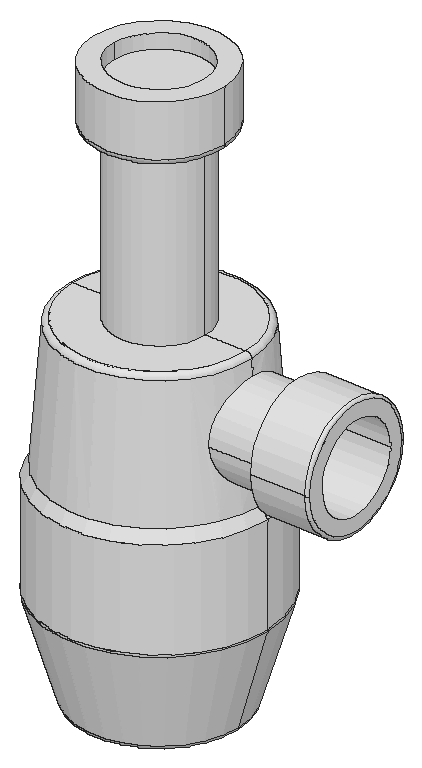
Revit family "S-865 (EN)", category Pipe Fittings, Revit 2015
Parameters (values of type "S-865_1 1/4"")
  URL = "http://www.jimten.com/en/producto/42/sifon-botella-juntafix"
  Reference = "001659"
  Outlet = "Ø32 MM (FEMALE)"
  Model = "S-865"  # constant formula
  Material = PP (White)
  Manufacturer = "Jimten"  # constant formula
  Inlets = "1 1/4\" FEMALE THREAD"
  Flowrate = 0.4 L/s  # constant formula
  Ds = 32 mm
  Description = "JUNTAFIX BOTTLE TRAP, HORIZONTAL OUTLET, EXTENSIBLE RAISER WITH BOTTOM STOP END, JUNTAFIX"  # constant formula
  De = 31.8 mm
  Type Comments = "EASY INSTALLATION THANKS TO ITS INTEGRATED JOINT SYSTEMS, BOTTOM REGISTER COVER"  # constant formula
  Certificates = "http://www.jimten.com/_bd/_adjuntos/3b4e9e19f525a9333619fbb9026ce695.pdf?viewPdf"
  Appliances = "WASH BASIN, BIDET"
  Hmin = 150 mm
  Hmax = 220 mm
  HCalc [instance] = if(A < Hmax, if(A > Hmin, A, Hmin), Hmax)  # 200 mm
  A [instance] = 200 mm
Types (2, lengths in mm): name | Reference | Outlet | Inlets | Ds | De | Appliances | HCalc | A
  S-865_1 1/2" | "001658" | "Ø40 MM (FEMALE)" | "1 1/2\" FEMALE THREAD" | 40 | 38.1 | "SINK, WASH BASIN, BIDET" | 180 | 180
  S-865_1 1/4" | "001659" | "Ø32 MM (FEMALE)" | "1 1/4\" FEMALE THREAD" | 32 | 31.8 | "WASH BASIN, BIDET" | 200 | 200
Reference planes
  plane 1 "Centro (Frontal/Posterior)": y = 0
  plane 2: z = 0
  plane 3 "Centro (Izquierda/Derecha)": x = 0
  plane 4: z = 120
  plane 5: z = 200
  plane 6: z = 195
  plane 7: z = 97
Forms (mm)
  Revolve 1, solid, material "PP (White)" <- "Material"
    sketch origin (0, 0, 0) x (1, 0, 0) y (0, 0, 1)
      loop
        arc (-30.231, 120) -> (-31.566, 119.478) -> (-32.193, 118.189) r 1.968
        line (-32.193, 118.189) -> (-35.726, 74.009) -> (-38, 70.071) -> (-38, 35.74)
        arc (-38, 35.74) -> (-37.968, 35.301) -> (-37.872, 34.872) r 3
        line (-37.872, 34.872) -> (-27.753, 1.405)
        arc (-27.753, 1.405) -> (-27.039, 0.39) -> (-25.86, 0) r 1.978
        line (-25.86, 0) -> (0, 0) -> (0, 120) -> (-30.231, 120)
      axis (0, 0) -> (0, 120)
    angle from 0 to 360
  Extrusion 2, solid, material "PP (White)" <- "Material"
    sketch origin (-100.949, -1524, 120) x (-1, 0, 0) y (0, -1, 0)
      loop
        circle (-100.949, -1524) r 16
    from 0 to 75
  Sweep 3, solid, material "PP (White)" <- "Material"
    path in 3D
      loop
        arc (-16, 0, 195) -> (0, 16, 195) -> (16, 0, 195) r 16
        arc (16, 0, 195) -> (0, -16, 195) -> (-16, 0, 195) r 16
    profile origin (0, -16, 195) x (0, -1, 0) y (0, 0, 1)
      loop
        line (0, -15) -> (4.758, -15)
        arc (4.758, -15) -> (6.185, -14.409) -> (6.776, -12.982) r 2.018
        line (6.776, -12.982) -> (6.776, 5) -> (0, 5) -> (0, -15)
  Extrusion 4, solid, material "PP (White)" <- "Material"
    sketch origin (0, 0, 0) x (0, 1, 0) y (0, 0, 1)
      loop
        circle (0, 97) r 16
    from 22.115 to 48.624
  Sweep 5, solid, material "PP (White)" <- "Material"
    path in 3D
      loop
        arc (48.624, 16, 97) -> (48.624, 0, 81) -> (48.624, -16, 97) r 16
        arc (48.624, -16, 97) -> (48.624, 0, 113) -> (48.624, 16, 97) r 16
    profile origin (48.624, 0, 113) x (0, 0, 1) y (1, 0, 0)
      loop
        line (-1, 0) -> (5, 0) -> (5, 18.969)
        arc (5, 18.969) -> (4.698, 19.698) -> (3.969, 20) r 1.031
        line (3.969, 20) -> (-1, 20) -> (-1, 0)
Cuts and joins
  joined: Revolve 1, Extrusion 4
Lines and regions (mm)
  sketch lines
    curve 1: arc (16, 0, 195) -> (0, -16, 195) -> (-16, 0, 195) r 16
    curve 2: arc (-16, 0, 195) -> (0, 16, 195) -> (16, 0, 195) r 16
    curve 3: arc (48.624, -16, 97) -> (48.624, 0, 113) -> (48.624, 16, 97) r 16
    curve 4: arc (48.624, 16, 97) -> (48.624, 0, 81) -> (48.624, -16, 97) r 16
Dimensions and locks
  "HCalc": plane 5 to level
  locked: plane 5 to plane 6 at 5
  locked: Revolve 1 sketch curve to Revolve 1 sketch curve at 120
  plane 4 to level = 120 mm
  plane 7 to level = 97 mm  (x2)
  locked: Sweep 3 sketch curve to Sweep 3 sketch curve at 20
  locked: Sweep 3 sketch curve to Sweep 3 sketch curve at 6.776
  "Ds": diameter of Extrusion 2 sketch curve
  "Ds": diameter of Extrusion 4 sketch curve
  aligned and locked: level to plane 2
  aligned and locked: plane 6 to Extrusion 2
  aligned and locked: plane 5 to Sweep 3 sketch curve
  aligned and locked: Sweep 3 sketch curve to profile plane
  aligned and locked: plane 7 to Extrusion 4 sketch curve
Automatic sketch dimensions
  Revolve 1 sketch curve to plane 4 = 0 mm
  Revolve 1 sketch curve to plane 3 "Centro (Izquierda/Derecha)" = 0 mm  (x2)
  Revolve 1 sketch curve to level = 0 mm
  Revolve 1 sketch curve to Revolve 1 sketch curve = 25.86 mm
  level to Revolve 1 sketch curve = 1.405 mm
  Revolve 1 sketch curve to Revolve 1 sketch curve = 1.893 mm
  Revolve 1 sketch curve to Revolve 1 sketch curve = 30.231 mm
  Revolve 1 sketch curve to plane 4 = 1.811 mm
  Revolve 1 sketch curve to Revolve 1 sketch curve = 1.961 mm
  Revolve 1 sketch curve to Revolve 1 sketch curve = 9.14 mm
  Revolve 1 sketch curve to plane 3 "Centro (Izquierda/Derecha)" = 35.726 mm
  Revolve 1 sketch curve to Revolve 1 sketch curve = 2.872 mm
  Revolve 1 sketch curve to Revolve 1 sketch curve = 2.274 mm
  level to Revolve 1 sketch curve = 34.872 mm
  Revolve 1 sketch curve to Revolve 1 sketch curve = 34.331 mm
  Revolve 1 sketch curve to Revolve 1 sketch curve = 3.938 mm
  plane 5 to Revolve 1 sketch curve = 305 mm
  Sweep 3 sketch curve to Sweep 3 sketch curve = 2.018 mm
  Sweep 5 sketch curve to profile plane = 0 mm
  profile plane to Sweep 5 sketch curve = 1 mm
  Sweep 5 sketch curve to profile plane = 3.969 mm
  Sweep 5 sketch curve to profile plane = 5 mm
  profile plane to Sweep 5 sketch curve = 18.969 mm
  plane 1 "Centro (Frontal/Posterior)" to Extrusion 2 sketch curve = 0 mm
  Extrusion 2 sketch curve to plane 3 "Centro (Izquierda/Derecha)" = 0 mm
  Extrusion 4 sketch curve to plane 1 "Centro (Frontal/Posterior)" = 0 mm
Connectors
  piping at (68.624, 0, 97), diameter 32, driven by "Ds", driven by "Flowrate"
    settings: on Sweep 5, index 1, connector inside diameter 609.6 mm, connector length 0 mm, flow factor 0, pipe flow 0.4 L/s, pressure drop 0.0 Pa, fitting loss kfactor 0, connector angle 0.00°, fixture units 0, engagement length 0 mm, angle of deflection 0.00°, flow configuration 0, flow direction 2, fitting loss method 0, system type 29, joint type 0, gender type 0, connector reference index -1, connector utility 0, adjustable connector no, is connector primary yes, connector description ""
  piping at (0, 0, 200), diameter 31.8, driven by "Flowrate", driven by "De"
    settings: on Sweep 3, index 2, connector inside diameter 609.6 mm, connector length 0 mm, flow factor 0, pipe flow 0.4 L/s, pressure drop 0.0 Pa, fitting loss kfactor 0, connector angle 0.00°, fixture units 0, engagement length 0 mm, angle of deflection 0.00°, flow configuration 0, flow direction 1, fitting loss method 0, system type 29, joint type 0, gender type 0, connector reference index -1, connector utility 0, adjustable connector no, is connector primary no, connector description ""
